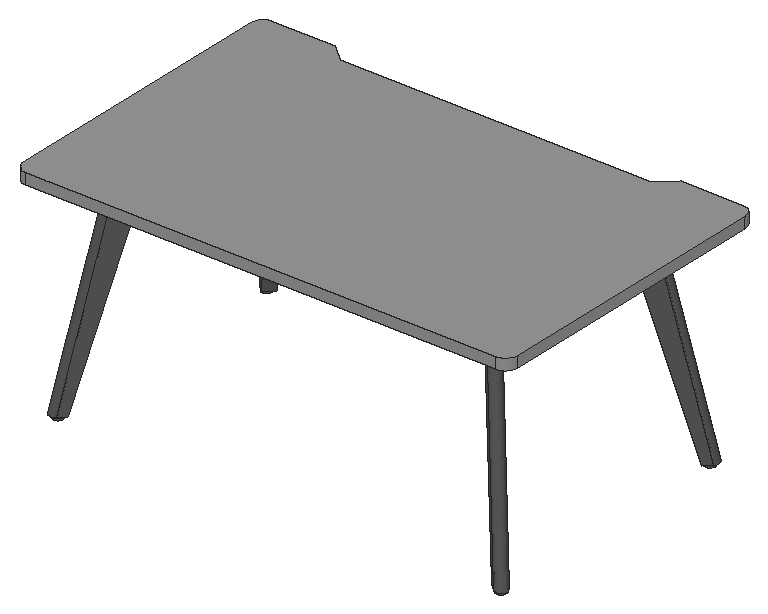
Revit family "Haworth_AWood_Desk_Rectangular_EU_PRELIMINARY", category Furniture, Revit 2019
Family settings
  OmniClass Number = 23.40.70.14.64.11
  OmniClass Title = Office Furniture
  Work Plane-Based = No
  Always vertical = Yes
  Cut with Voids When Loaded = No
  Shared = No
  Room Calculation Point = No
Parameters (values of type "160 x 100")
  Worksurface 90 Depth = "140x90, 160x90, 180x90cm"  # constant formula
  Worksurface 80 Depth = "80x80, 100x80, 120x80, 140x80, 160x80, 180x80cm"  # constant formula
  Worksurface 60 Depth = "60x60, 80x60, 100x60, 120x60, 140x60cm"  # constant formula
  Worksurface 100 Depth = "160x100, 180x100cm"  # constant formula
  Warranty = "http://www.haworth.com/resources/product-info/warranties"
  Void Depth = if(Scallop, 5 cm, 0 cm)  # 5 cm
  URL - Product = "https://www.haworth.com/eu/en/products/office-desks/a-wood.html?_br_psugg_q=awood"
  Type Comments = ""
  URL = "https://www.haworth.com/eu/en.html"
  Trim Finish = Haworth _ Metal _ Structured White EC
  Top Finish [instance] = Haworth _ Laminate _ Undecided _ Tables
  Squared Corners = not(Rounded Corners)  # no
  Size = "Verify Final Dim.w/ Haworth"  # constant formula
  Scallop = not(or(No Accessory Kit, Rectangle))  # yes
  Rounded Corners = yes
  Round Cable Outlet = no
  Revision Number = "1"  # constant formula
  Rectangle = no
  No Accessory Kit = not(or(Accessory Kit, Flip Top Cable Outlet, Round Cable Outlet))  # no
  Model = "AWRDXXXX"  # constant formula
  Manufacturer = "Haworth"  # constant formula
  Leg Height = Actual Height - 3.5 cm  # 69.5 cm
  Flip Top Finish = Haworth _ Paint _ Metallic Silver
  Flip Top Cable Outlet = no
  Description = "Haworth - A_Wood - Desk - Rectangular"  # constant formula
  Base Finish [instance] = Haworth _ Paint _ Black
  Author = "Haworth (Abd Rahman)"  # constant formula
  Assembly Code = "E2020200"
  Actual Width = 160 cm
  Actual Height = 73 cm  # constant formula
  Actual Depth = 100 cm
  Accessory Kit = yes
Types (8, lengths in cm): name | Void Depth | Squared Corners | Scallop | Rounded Corners | Round Cable Outlet | Rectangle | No Accessory Kit | Flip Top Cable Outlet | Actual Width | Actual Depth | Accessory Kit
  60 x 60 | 0 | yes | no | no | no | yes | yes | no | 60 | 60 | no
  120 x 80 | 5 | no | yes | yes | yes | no | no | no | 120 | 80 | yes
  180 x 90 | 5 | no | yes | yes | yes | no | no | no | 180 | 90 | yes
  160 x 100 | 5 | no | yes | yes | no | no | no | no | 160 | 100 | yes
  180 x 100 | 5 | yes | yes | no | yes | no | no | no | 180 | 100 | yes
  100 x 60 | 0 | yes | no | no | no | yes | no | yes | 100 | 60 | yes
  180 x 80 | 0 | yes | no | no | no | yes | yes | no | 180 | 80 | no
  140 x 90 | 0 | yes | no | no | no | yes | yes | no | 140 | 90 | no
Reference planes (cm)
  plane 1 "Center F/B": y = 17.4526
  plane 2: z = 0
  plane 3 "Center L/R": x = 11.43
  plane 4 "Top": z = 73
  plane 5 "Left": x = -68.57
  plane 6 "Right": x = 91.43
  plane 7 "Back": y = 67.4526
  plane 8 "Front": y = -32.5474
  plane 9: y = 52.4526
  plane 10: y = -17.5474
  plane 11: z = 70.5
  plane 12: z = 69.5
  plane 13: x = -63.57
  plane 14: x = 86.43
Dimensions and locks (cm)
  "Actual Height": plane 4 "Top" to level
  equal spacing: plane 7 "Back", plane 1 "Center F/B", plane 8 "Front"
  "Actual Depth": plane 7 "Back" to plane 8 "Front"
  equal spacing: plane 5 "Left", plane 3 "Center L/R", plane 6 "Right"
  "Actual Width": plane 5 "Left" to plane 6 "Right"
  plane 4 "Top" to plane 11 to plane 12 = 2.5 cm locked, 1 cm locked
  locked: plane 5 "Left" to plane 13 at 5
  locked: plane 14 to plane 6 "Right" at 5
  locked: plane 7 "Back" to plane 9 at 15
  locked: plane 8 "Front" to plane 10 at 15
  aligned and locked: nested 2 to plane 1 "Center F/B"
  aligned and locked: plane 3 "Center L/R" to nested 2
  aligned and locked: nested 1 to plane 10
  aligned and locked: nested 1 to plane 13
  aligned and locked: nested 3 to plane 14
  aligned and locked: nested 3 to plane 10
  aligned and locked: plane 13 to nested 5
  aligned and locked: nested 4 to plane 14
  aligned and locked: nested 4 to plane 9
  aligned and locked: nested 5 to plane 9
  aligned and locked: plane 3 "Center L/R" to nested 6
  aligned and locked: plane 9 to nested 6
  aligned and locked: nested 6 to plane 4 "Top"
  aligned and locked: nested 7 to plane 13
  aligned and locked: plane 9 to nested 7
  aligned and locked: plane 4 "Top" to nested 7
Nested families (cm)
  nested 1: "Haworth_A_Wood_SingleLeg_PART" at (-3.7556, 32.6457, 0), Leg Finish <- "Base Finish", type "A_Wood Legs - PART"
    with Leg Finish Haworth _ Paint _ Black
  nested 2: "Haworth_A_Wood_Top_Rectangular-PART" at (170.2444, 88.5136, 0), Top Finish <- "Top Finish", type "A_Wood Top Rectangular - PART"
    with Top Finish Haworth _ Laminate _ Undecided _ Tables, Void Depth 5 cm, Squared Corners no, Actual Width 160 cm
  nested 3: "Haworth_A_Wood_SingleLeg_PART" at (25.9869, 32.017, 0) x (0, 1, 0) z (0, 0, 1), Leg Finish <- "Base Finish", type "A_Wood Legs - PART"
    with Leg Finish Haworth _ Paint _ Black
  nested 4: "Haworth_A_Wood_SingleLeg_PART" at (26.6156, 2.2596, 0) x (-1, 0, 0) z (0, 0, 1), Leg Finish <- "Base Finish", type "A_Wood Legs - PART"
    with Leg Finish Haworth _ Paint _ Black
  nested 5: "Haworth_A_Wood_SingleLeg_PART" at (-3.1269, 2.8883, 0) x (0, -1, 0) z (0, 0, 1), Leg Finish <- "Base Finish", type "A_Wood Legs - PART"
    with Leg Finish Haworth _ Paint _ Black
  nested 6: "Haworth-Flip Top" at (9.9813, 46.8193, -7), visible <- "Flip Top Cable Outlet", type "Flip Top - Visio"
    with Actual Width 25 cm
  nested 7: "Haworth_Grommet-PART" at (-43.3841, 86.1626, 20.7768), visible <- "Round Cable Outlet", type "Cable Outlet"
Definition of nested family "Haworth_A_Wood_SingleLeg_PART"
  Parameters (values of type "A_Wood Legs - PART")
    Warranty = "https://www.haworth.com/resources/product-info/warranties"
    URL - Product = ""
    Model = "Haworth - A_Wood"  # constant formula
    Metal Finish = none
    Leg Finish [instance] = none
    Description = "Haworth - A_Wood - Legs - PART"  # constant formula
    URL = ""
    Revision Number = "1"  # constant formula
    Manufacturer = "Haworth"  # constant formula
    Author = "Haworth (Abd Rahman)"  # constant formula
    Assembly Code = "E2020200"
    Actual Height = 73 cm  # constant formula
  Reference planes (cm)
    plane 1 "Bottom": z = 0
    plane 2 "Top": z = 73
    plane 3 "Top Bottom": z = 69.5
    plane 4: x = -59.8144
    plane 5: x = -39.3144
    plane 6: y = -39.9431
    plane 7 "Front": y = -60.4431
    plane 8: x = -49.5644
    plane 9: y = -50.1931
  Forms (cm)
    SweptBlend 1, solid, material <- "Leg Finish"
      path origin (-58.7425, -59.2694, 121.92) x (-0.707107, -0.707107, 0) y (0, 0, -1)
        loop
          line (-1.6984, 123.3068) -> (-17.8231, 51.5727)
      profile origin (-57.5416, -58.0684, -1.3868) x (-0.689892, -0.689892, 0.219313) y (0.707107, -0.707107, 0)
        loop
          line (-2.6886, 1.6172) -> (-2.6886, -2.1828) -> (0.0676, -2.1828)
          arc (0.0676, -2.1828) -> (1.9676, -0.2828) -> (0.0676, 1.6172) r 1.9
          line (0.0676, 1.6172) -> (-2.6886, 1.6172)
      end profile origin (-46.1396, -46.6665, 70.3473) x (-0.689892, -0.689892, 0.219313) y (0.707107, -0.707107, 0)
        loop
          line (-7.1321, -2.1828) -> (0, -2.1828)
          arc (0, -2.1828) -> (1.9, -0.2828) -> (0, 1.6172) r 1.9
          line (0, 1.6172) -> (-7.1321, 1.6172) -> (-7.1321, -2.1828)
    Extrusion 2, void
      sketch origin (-58.7425, -59.2694, 121.92) x (-0.707107, -0.707107, 0) y (0, 0, -1)
        loop
          line (-22.8359, 60.9135) -> (-31.3359, 60.9135) -> (-31.3359, 46.4135) -> (-6.8632, 46.4135) -> (-6.8632, 53.0135) -> (-22.8359, 53.0135) -> (-22.8359, 60.9135)
        loop
          line (1.2172, 120.9135) -> (1.2172, 124.4135) -> (-5.7828, 124.4135) -> (-5.7828, 120.9135) -> (1.2172, 120.9135)
      from -2.1828 to 1.6172
    Extrusion 3, solid, material <- "Metal Finish"
      sketch origin (22.515, 0, 0) x (-1, 0, 0) y (0, -1, 0)
        loop
          arc (63.3082, 55.3567) -> (64.353, 43.9204) -> (75.222, 40.2132) r 10.5502
          arc (75.222, 40.2132) -> (77.0947, 53.9447) -> (63.3082, 55.3567) r 9.6395
        loop
          circle (75.5231, 43.1034) r 0.6436
        loop
          circle (69.4207, 42.3367) r 0.5
        loop
          circle (63.9678, 47.7855) r 0.5
        loop
          circle (64.6924, 53.9741) r 0.6849
        loop
          circle (74.6212, 53.0565) r 0.7071
      from 68.9065 to 69.5
    Revolve 4, solid
      sketch origin (-0.1869, -57.1918, 0) x (1, 0, 0) y (0, 0, 1)
        loop
          line (-56.6292, 1.0037) -> (-56.6292, 0) -> (-54.9292, 0) -> (-54.9292, 0.4) -> (-56.0292, 0.4) -> (-56.0292, 1.0037) -> (-56.6292, 1.0037)
        axis (-56.6292, 1.0037) -> (-56.6292, 0)
      angle from 0 to 360
    Extrusion 5, solid, material <- "Metal Finish"
      sketch origin (-25.6346, -85.9201, 0) x (0.707107, -0.707107, 0) y (0, 0, 1)
        loop
          line (-44.0328, 69.5) -> (-44.0328, 62.4065) -> (-41.0328, 62.4065) -> (-41.0328, 69.5) -> (-44.0328, 69.5)
        loop
          circle (-42.5693, 66.9745) r 1
        loop
          circle (-42.5978, 63.7457) r 1
      from -18.4115 to -18.1579
    Extrusion 6, void
      sketch origin (-25.6346, -85.9201, 0) x (0.707107, -0.707107, 0) y (0, 0, 1)
        loop
          circle (-42.5693, 66.9745) r 1
        loop
          circle (-42.5978, 63.7457) r 1
      from -20.0066 to -17.9454
  Cuts and joins
    Extrusion 2, Extrusion 6 cuts SweptBlend 1
    Extrusion 6 cuts Extrusion 5
    joined: Extrusion 3, Extrusion 5
  Lines and regions (cm)
    symbolic lines, detail levels medium+fine
      curve 1: arc (-53.9353, -40.9662, 0) -> (-42.6617, -43.3429, 0) -> (-40.285, -54.6165, 0) r 10.5502
      curve 2: arc (-40.285, -54.6165, 0) -> (-46.2123, -57.5166, 0) -> (-52.6178, -55.9317, 0) r 9.6539
      curve 3: line (-58.7572, -56.6971, 0) -> (-55.2939, -53.2338, 0)
      curve 4: line (-52.6178, -55.9317, 0) -> (-56.0702, -59.3841, 0)
      curve 5: arc (-56.074, -59.3805, 0) -> (-58.786, -59.4129, 0) -> (-58.7536, -56.7008, 0) r 1.8953
      curve 6: arc (-55.2939, -53.2338, 0) -> (-56.8312, -46.8545, 0) -> (-53.9353, -40.9662, 0) r 9.6539
  Dimensions and locks (cm)
    "Actual Height": plane 2 "Top" to level
    plane 2 "Top" to plane 3 "Top Bottom" = 3.5 cm
    equal spacing: plane 4, plane 8, plane 5
    equal spacing: plane 6, plane 9, plane 7 "Front"
    Extrusion 5 sketch curve to cut or joined group of SweptBlend 1, Extrusion 2, Extrusion 6 = 0.3942 cm
    Extrusion 5 sketch curve to Extrusion 5 sketch curve = 3 cm
  Automatic sketch dimensions
    curve 2 to curve 6 = 0 cm  (x2)
    plane 4 to curve 5 = 2.3685 cm
    plane 4 to curve 3 = 4.5204 cm
    curve 4 to plane 8 = 3.0535 cm
    curve 1 to plane 8 = 0.5574 cm
    plane 8 to curve 6 = 2.3284 cm
    curve 5 to plane 7 "Front" = 2.3704 cm
    curve 4 to plane 7 "Front" = 4.5114 cm
    curve 3 to plane 9 = 3.0407 cm
    curve 1 to plane 9 = 0.6099 cm
    curve 1 to curve 6 = 2.8858 cm
    plane 4 to curve 5 = 1.0607 cm
    curve 3 to curve 5 = 0.0036 cm
    curve 5 to curve 5 = 1.3718 cm
    curve 4 to plane 7 "Front" = 1.059 cm
    curve 5 to curve 4 = 0.0038 cm
    curve 1 to plane 6 = 1.0231 cm
    curve 4 to curve 5 = 0.0036 cm
    curve 5 to curve 3 = 0.0038 cm
    plane 3 "Top Bottom" to SweptBlend 1 sketch curve = 0.8473 cm
    SweptBlend 1 sketch curve to level = 1.3868 cm
    SweptBlend 1 sketch curve to SweptBlend 1 sketch curve = 16.1248 cm
    profile plane to SweptBlend 1 sketch curve = 1.6172 cm
    profile plane to SweptBlend 1 sketch curve = 2.6886 cm
    SweptBlend 1 sketch curve to profile plane = 0.0676 cm
    SweptBlend 1 sketch curve to profile plane = 0.2828 cm  (x2)
    SweptBlend 1 sketch curve to profile plane = 0 cm
    SweptBlend 1 sketch curve to profile plane = 2.1828 cm
    SweptBlend 1 sketch curve to SweptBlend 1 sketch curve = 7.1321 cm
    Extrusion 2 sketch curve to plane 3 "Top Bottom" = 8.4935 cm
    Extrusion 2 sketch curve to Extrusion 2 sketch curve = 8.5 cm
    Extrusion 2 sketch curve to plane 3 "Top Bottom" = 0.5935 cm
    Extrusion 2 sketch curve to Extrusion 2 sketch curve = 15.9727 cm
    level to Extrusion 2 sketch curve = 1.0065 cm
    Extrusion 2 sketch curve to Extrusion 2 sketch curve = 17.0531 cm
    Extrusion 2 sketch curve to level = 2.4935 cm
    Extrusion 2 sketch curve to Extrusion 2 sketch curve = 7 cm
    plane 2 "Top" to Extrusion 2 sketch curve = 2.5065 cm
    plane 5 to Extrusion 3 sketch curve = 2.1385 cm
    plane 5 to Extrusion 3 sketch curve = 2.8631 cm
    Extrusion 3 sketch curve to plane 8 = 2.6586 cm
    Extrusion 3 sketch curve to plane 8 = 2.5606 cm
    plane 8 to Extrusion 3 sketch curve = 0.5653 cm
    plane 8 to Extrusion 3 sketch curve = 2.5418 cm
    plane 8 to Extrusion 3 sketch curve = 3.4437 cm
    plane 9 to Extrusion 3 sketch curve = 3.781 cm
    plane 9 to Extrusion 3 sketch curve = 2.8634 cm
    plane 9 to Extrusion 3 sketch curve = 0.2507 cm
    Extrusion 3 sketch curve to Extrusion 3 sketch curve = 2.4593 cm
    Extrusion 3 sketch curve to plane 9 = 2.4076 cm
    plane 6 to Extrusion 3 sketch curve = 3.1604 cm
    plane 6 to Extrusion 3 sketch curve = 2.3936 cm
    plane 5 to Extrusion 3 sketch curve = 1.4789 cm
    plane 6 to Extrusion 3 sketch curve = 0.2702 cm
    Revolve 4 sketch curve to level = 0 cm
    level to Revolve 4 sketch curve = 1.0037 cm
    plane 4 to Revolve 4 sketch curve = 2.9983 cm
    Revolve 4 sketch curve to Revolve 4 sketch curve = 0.6 cm
    Revolve 4 sketch curve to Revolve 4 sketch curve = 1.1 cm
    Revolve 4 sketch curve to Revolve 4 sketch curve = 0.4 cm
    Revolve 4 sketch curve to Revolve 4 sketch curve = 0 cm  (x2)
    Revolve 4 sketch curve to level = 0.0502 cm
    Extrusion 5 sketch curve to Extrusion 5 sketch curve = 1.435 cm
    Extrusion 5 sketch curve to Extrusion 5 sketch curve = 1.4634 cm
    Extrusion 5 sketch curve to plane 3 "Top Bottom" = 7.0935 cm
    Extrusion 5 sketch curve to Extrusion 5 sketch curve = 1.3391 cm
    Extrusion 5 sketch curve to plane 3 "Top Bottom" = 2.5255 cm
    Extrusion 5 sketch curve to plane 3 "Top Bottom" = 0 cm
    Extrusion 6 sketch curve to Extrusion 6 sketch curve = 3.2289 cm
    Extrusion 6 sketch curve to plane 3 "Top Bottom" = 5.7543 cm
    Extrusion 6 sketch curve to Extrusion 6 sketch curve = 0.0285 cm
    radius of Extrusion 3 sketch curve = 0.6436 cm
    radius of Extrusion 3 sketch curve = 0.5 cm  (x2)
    radius of Extrusion 3 sketch curve = 0.6849 cm
    radius of Extrusion 3 sketch curve = 0.7071 cm
    radius of Extrusion 5 sketch curve = 1 cm  (x2)
    radius of Extrusion 6 sketch curve = 1 cm  (x2)
Definition of nested family "Haworth_A_Wood_Top_Rectangular-PART"
  Parameters (values of type "A_Wood Top Rectangular - PART")
    Warranty = "https://www.haworth.com/resources/product-info/warranties"
    Void Depth = 15 cm
    URL - Product = ""
    Top Finish [instance] = none
    Thickness = 3.5 cm
    Squared Corners = yes
    Scallop = yes
    Rounded Corners = yes
    Rectangle = no
    Model = "Haworth - A_Wood"  # constant formula
    Description = "Haworth - A_Wood - Rectangular - Top - PART"  # constant formula
    URL = ""
    Revision Number = "1"  # constant formula
    Manufacturer = "Haworth"  # constant formula
    Author = "Haworth (Abd Rahman)"  # constant formula
    Assembly Code = "E2020200"
    Actual Width = 120 cm
    Actual Depth = 100 cm
  Reference planes (cm)
    plane 1 "Bottom": z = 0
    plane 2 "Top": z = 73
    plane 3 "Top Bottom": z = 69.5
    plane 4: x = -218.8144
    plane 5 "Right": x = -98.8144
    plane 6: y = -21.0609
    plane 7 "Front": y = -121.0609
    plane 8: x = -158.8144
    plane 9: y = -71.0609
    plane 10: y = -36.0609
    plane 11: x = -194.8144
    plane 12: x = -122.8144
  Forms (cm)
    Extrusion 1, solid, material <- "Top Finish", visible <- "Squared Corners"
      sketch origin (0, 0, 0) x (1, 0, 0) y (0, 1, 0)
        loop
          line (-218.8144, -21.0609) -> (-218.8144, -121.0609) -> (-98.8144, -121.0609) -> (-98.8144, -21.0609) -> (-218.8144, -21.0609)
      from 69.5 to 73
    Extrusion 2, solid, material <- "Top Finish", visible <- "Rounded Corners"
      sketch origin (0, 0, 0) x (1, 0, 0) y (0, 1, 0)
        loop
          arc (-214.8144, -21.0609) -> (-217.6428, -22.2325) -> (-218.8144, -25.0609) r 4
          line (-218.8144, -25.0609) -> (-218.8144, -117.0609)
          arc (-218.8144, -117.0609) -> (-217.6428, -119.8893) -> (-214.8144, -121.0609) r 4
          line (-214.8144, -121.0609) -> (-102.8144, -121.0609)
          arc (-102.8144, -121.0609) -> (-99.9859, -119.8893) -> (-98.8144, -117.0609) r 4
          line (-98.8144, -117.0609) -> (-98.8144, -25.0609)
          arc (-98.8144, -25.0609) -> (-99.9859, -22.2325) -> (-102.8144, -21.0609) r 4
          line (-102.8144, -21.0609) -> (-214.8144, -21.0609)
      from 69.5 to 73
    Extrusion 3, void
      sketch origin (0, 0, 0) x (1, 0, 0) y (0, 1, 0)
        loop
          line (-194.8144, -21.0609) -> (-189.1575, -36.0609) -> (-128.4712, -36.0609) -> (-122.8144, -21.0609) -> (-194.8144, -21.0609)
      from 0 to 182.4895
  Cuts and joins
    Extrusion 3 cuts Extrusion 2
    Extrusion 3 cuts Extrusion 1
  Lines and regions (cm)
    Masking region 1, visible <- "Squared Corners"
      outline origin (0, 0, 0) x (1, 0, 0) y (0, 1, 0)
        loop
          line (-218.8144, -21.0609) -> (-218.8144, -121.0609) -> (-98.8144, -121.0609) -> (-98.8144, -21.0609) -> (-218.8144, -21.0609)
    Masking region 2
      outline origin (0, -0.1905, 0) x (1, 0, 0) y (0, 1, 0)
        loop
          arc (-215.1194, -20.8704) -> (-217.7534, -22.199) -> (-218.8144, -24.9517) r 4.1015
          line (-218.8144, -24.9517) -> (-218.8144, -117.0498)
          arc (-218.8144, -117.0498) -> (-217.6953, -119.7514) -> (-214.9938, -120.8704) r 3.8205
          line (-214.9938, -120.8704) -> (-102.6349, -120.8704)
          arc (-102.6349, -120.8704) -> (-99.9334, -119.7514) -> (-98.8144, -117.0498) r 3.8205
          line (-98.8144, -117.0498) -> (-98.8144, -24.9517)
          arc (-98.8144, -24.9517) -> (-99.8753, -22.199) -> (-102.5093, -20.8704) r 4.1015
          line (-102.5093, -20.8704) -> (-215.1194, -20.8704)
  Dimensions and locks (cm)
    equal spacing: plane 4, plane 8, plane 5 "Right"
    equal spacing: plane 6, plane 9, plane 7 "Front"
    "Actual Depth": plane 7 "Front" to plane 6
    "Actual Width": plane 4 to plane 5 "Right"
    plane 2 "Top" to plane 3 "Top Bottom" = 3.5 cm  (x2)
    "Thickness": plane 2 "Top" to plane 3 "Top Bottom"
    locked: plane 4 to plane 11 at 24
    locked: plane 12 to plane 5 "Right" at 24
    "Void Depth": plane 10 to plane 6
    aligned and locked: Extrusion 1 sketch curve to plane 5 "Right"
    aligned and locked: Extrusion 1 sketch curve to plane 6
    aligned and locked: plane 4 to Extrusion 1 sketch curve
    aligned and locked: Extrusion 1 sketch curve to plane 7 "Front"
    aligned and locked: plane 2 "Top" to Extrusion 1
    aligned and locked: Extrusion 1 to plane 3 "Top Bottom"
    aligned and locked: Masking region 1 sketch curve to plane 5 "Right"
    aligned and locked: Masking region 1 sketch curve to plane 6
    aligned and locked: plane 4 to Masking region 1 sketch curve
    aligned and locked: Masking region 1 sketch curve to plane 7 "Front"
    aligned and locked: plane 6 to Masking region 2
    aligned and locked: plane 5 "Right" to Masking region 2
    aligned and locked: plane 7 "Front" to Extrusion 2
    aligned and locked: plane 7 "Front" to Masking region 2
    aligned and locked: Masking region 2 to plane 4
    aligned and locked: plane 10 to Extrusion 3 sketch curve
    aligned and locked: plane 6 to Extrusion 3 sketch curve
  Automatic sketch dimensions
    Extrusion 2 sketch curve to plane 4 = 0 cm
    plane 7 "Front" to Extrusion 2 sketch curve = 0 cm
    Extrusion 2 sketch curve to plane 6 = 0 cm
    Extrusion 2 sketch curve to plane 5 "Right" = 0 cm
    plane 4 to Extrusion 2 sketch curve = 4 cm  (x2)
    Extrusion 2 sketch curve to plane 5 "Right" = 4 cm  (x2)
    plane 4 to Masking region 2 sketch curve = 0 cm
    Masking region 2 sketch curve to plane 7 "Front" = 0 cm
    Masking region 2 sketch curve to plane 5 "Right" = 0 cm
    Masking region 2 sketch curve to plane 6 = 0 cm
    plane 4 to Masking region 2 sketch curve = 3.6949 cm
    Masking region 2 sketch curve to Masking region 2 sketch curve = 4.1015 cm
    Masking region 2 sketch curve to Masking region 2 sketch curve = 3.8205 cm
    Masking region 2 sketch curve to plane 5 "Right" = 3.8205 cm
    Masking region 2 sketch curve to plane 5 "Right" = 4.1015 cm
    Masking region 2 sketch curve to plane 5 "Right" = 3.6949 cm
    Extrusion 3 sketch curve to plane 11 = 0 cm  (x2)
    Extrusion 3 sketch curve to plane 6 = 0 cm  (x2)
    Extrusion 3 sketch curve to plane 12 = 0 cm  (x2)
    Extrusion 3 sketch curve to plane 11 = 5.6569 cm
    plane 12 to Extrusion 3 sketch curve = 5.6569 cm
Definition of nested family "Haworth-Flip Top"
  Parameters (values of type "Flip Top - Visio")
    Warranty = ""
    URL - Product = ""
    URL = ""
    Sustainability Info = ""
    Size = "Verify Final Dim. w/ Haworth"  # constant formula
    Single Sided = no
    Single Sided Wide = yes
    Revision Number = ""
    OmniClass Number = ""
    Material Options = ""
    Manufacturer = "Haworth"  # constant formula
    LEED Data = ""
    Flip Top Height = 2.5 cm
    Flip Top Finish = none
    Double Sided = no
    Double Sided Wide = no
    Author = "SHAPE Environments, LLC"  # constant formula
    Assembly Code = ""
    Actual Width = 20 cm
    Actual Height = 80 cm
    Actual Depth = 11 cm
  Reference planes (cm)
    plane 1 "Center F/B": y = 0.1333
    plane 2: z = 0
    plane 3 "Center L/R": x = 1.4487
    plane 4 "Back": y = 5.6333
    plane 5 "Right": x = 11.4487
    plane 6 "Front": y = -5.3667
    plane 7 "Left": x = -8.5513
    plane 8 "Table Height": z = 80
    plane 9: z = 77.5
  Forms (cm)
    Extrusion 1, solid, material <- "Flip Top Finish"
      sketch origin (0, 0, 80) x (-1, 0, 0) y (0, -1, 0)
        loop
          line (8.5513, -5.6333) -> (8.5513, 5.3667) -> (-11.4487, 5.3667) -> (-11.4487, -5.6333) -> (8.5513, -5.6333)
      from 0 to 0.3175
    Extrusion 2, solid, material <- "Flip Top Finish"
      sketch origin (0, 0, 80) x (-1, 0, 0) y (0, -1, 0)
        loop
          line (8.2338, -5.1571) -> (8.2338, 4.8904) -> (-11.1312, 4.8904) -> (-11.1312, -5.1571) -> (8.2338, -5.1571)
      from 0 to -2.5
  Cuts and joins
    joined: Extrusion 1, Extrusion 2
  Lines and regions (cm)
    symbolic lines
      curve 1: line (-8.5513, 5.6333, 80) -> (11.4487, 5.6333, 80)
      curve 2: line (-8.5513, -5.3667, 80) -> (-8.5513, 5.6333, 80)
      curve 3: line (11.4487, -5.3667, 80) -> (-8.5513, -5.3667, 80)
      curve 4: line (11.4487, 5.6333, 80) -> (11.4487, -5.3667, 80)
  Dimensions and locks (cm)
    equal spacing: plane 7 "Left", plane 3 "Center L/R", plane 5 "Right"
    "Actual Width": plane 7 "Left" to plane 5 "Right"
    equal spacing: plane 6 "Front", plane 1 "Center F/B", plane 4 "Back"
    "Actual Depth": plane 4 "Back" to plane 6 "Front"
    plane 7 "Left" to Extrusion 2 sketch curve = 0.3175 cm
    plane 4 "Back" to Extrusion 2 sketch curve = 0.4762 cm
    Extrusion 2 sketch curve to plane 5 "Right" = 0.3175 cm
    Extrusion 2 sketch curve to plane 6 "Front" = 0.4763 cm
    "Actual Height": plane 8 "Table Height" to level
    "Flip Top Height": plane 8 "Table Height" to plane 9
    aligned and locked: plane 7 "Left" to Extrusion 1 sketch curve
    aligned and locked: Extrusion 1 sketch curve to plane 4 "Back"
    aligned and locked: plane 6 "Front" to Extrusion 1 sketch curve
    aligned and locked: Extrusion 1 sketch curve to plane 5 "Right"
    aligned and locked: plane 9 to cut or joined group of Extrusion 1, Extrusion 2
  Automatic sketch dimensions
    curve 4 to plane 5 "Right" = 0 cm
    curve 2 to plane 4 "Back" = 0 cm
    curve 2 to plane 7 "Left" = 0 cm
    curve 4 to plane 6 "Front" = 0 cm
Definition of nested family "Haworth_Grommet-PART"
  Parameters (values of type "Cable Outlet")
    Warranty = "http://www.haworth.com/resources/product-info/warranties"
    Vertical = no
    URL = "www.haworth.com"
    Trim Finish = none
    Size = "Verify Final Dim. w/ Haworth"  # constant formula
    Revision Number = "1"  # constant formula
    Model = "X742"  # constant formula
    Manufacturer = "Haworth"  # constant formula
    Horizontal = yes
    Description = "Haworth - Cable Outlet - 25mm"  # constant formula
    Author = "Haworth (Abd Rahman)"  # constant formula
    Assembly Code = "E2020200"
    Actual Width = 9 cm  # constant formula
    Actual Height = 0.2 cm  # constant formula
    Actual Depth = 9 cm  # constant formula
  Reference planes (cm)
    plane 1: z = 52.2232
    plane 2 "Center L/R": x = -15.6859
    plane 3 "Center F/B": y = -29.21
    plane 4 "Top": z = 52.4232
    plane 5 "Back": y = -24.71
    plane 6 "Front": y = -33.71
    plane 7 "Right": x = -11.1859
    plane 8 "Left": x = -20.1859
    plane 9: x = -15.505
  Forms (cm)
    Revolve 1, solid, material <- "Trim Finish", visible <- "Vertical"
      sketch origin (-67.9273, -29.21, 36.6305) x (0, 0, 1) y (1, 0, 0)
        loop
          line (15.6859, 52.4223) -> (11.5684, 52.4223)
          arc (11.5684, 52.4223) -> (11.398, 52.3576) -> (11.2576, 52.2414) r 0.557
          line (11.2576, 52.2414) -> (15.6859, 52.2414) -> (15.6859, 52.4223)
        axis (15.6859, 52.4223) -> (15.6859, 52.2414)
      angle from 0 to 360
    Extrusion 2, void
      sketch origin (-67.9273, 0.0749, 36.6305) x (0, 0, -1) y (0, 1, 0)
        loop
          line (-17.5569, -26.0506) -> (-17.3333, -28.1782)
          arc (-17.3333, -28.1782) -> (-17.1796, -28.323) -> (-16.9822, -28.2479) r 0.1989
          arc (-16.9822, -28.2479) -> (-16.9186, -28.1652) -> (-16.8471, -28.0891) r 1.0616
          arc (-16.8471, -28.0891) -> (-16.3186, -27.7135) -> (-15.6859, -27.5721) r 1.6402
          arc (-15.6859, -27.5721) -> (-15.1781, -27.6415) -> (-14.7164, -27.8643) r 1.6402
          arc (-14.7164, -27.8643) -> (-14.5025, -27.8909) -> (-14.3853, -27.7099) r 0.203
          line (-14.3853, -27.7099) -> (-14.1679, -25.8137)
          arc (-14.1679, -25.8137) -> (-15.8906, -25.5293) -> (-17.5569, -26.0506) r 3.7744
      from 0 to 71.12
    Revolve 3, solid, material <- "Trim Finish", visible <- "Horizontal"
      sketch origin (-0.0331, -29.3081, 0.0151) x (-1, 0, 0) y (0, 0, 1)
        loop
          line (15.6859, 52.408) -> (11.5287, 52.408)
          arc (11.5287, 52.408) -> (11.3569, 52.3343) -> (11.219, 52.208) r 0.5592
          line (11.219, 52.208) -> (15.6859, 52.208) -> (15.6859, 52.408)
        axis (15.6859, 52.408) -> (15.6859, 52.208)
      angle from 0 to 360
    Extrusion 4, void
      sketch origin (-0.0331, -0.0232, 0.0151) x (1, 0, 0) y (0, 1, 0)
        loop
          line (-17.5569, -26.0506) -> (-17.3333, -28.1782)
          arc (-17.3333, -28.1782) -> (-17.1796, -28.323) -> (-16.9822, -28.2479) r 0.1989
          arc (-16.9822, -28.2479) -> (-16.9186, -28.1652) -> (-16.8471, -28.0891) r 1.0616
          arc (-16.8471, -28.0891) -> (-16.3186, -27.7135) -> (-15.6859, -27.5721) r 1.6402
          arc (-15.6859, -27.5721) -> (-15.1781, -27.6415) -> (-14.7164, -27.8643) r 1.6402
          arc (-14.7164, -27.8643) -> (-14.5025, -27.8909) -> (-14.3853, -27.7099) r 0.203
          line (-14.3853, -27.7099) -> (-14.1679, -25.8137)
          arc (-14.1679, -25.8137) -> (-15.8906, -25.5293) -> (-17.5569, -26.0506) r 3.7744
      from 0 to 71.12
  Cuts and joins
    Extrusion 2 cuts Revolve 1
    Extrusion 4 cuts Revolve 3
  Lines and regions (cm)
    Masking region 1
      outline origin (0, 0, 0) x (1, 0, 0) y (0, 1, 0)
        loop
          circle (-15.6859, -29.2849) r 4.4363
        loop
          circle (-15.6859, -29.2849) r 4.0899
        loop
          line (-14.3853, -27.7099) -> (-14.1679, -25.8137)
          arc (-14.1679, -25.8137) -> (-15.8906, -25.5293) -> (-17.5569, -26.0506) r 3.7744
          line (-17.5569, -26.0506) -> (-17.3333, -28.1782)
          arc (-17.3333, -28.1782) -> (-17.1796, -28.323) -> (-16.9822, -28.2479) r 0.1989
          arc (-16.9822, -28.2479) -> (-16.9186, -28.1652) -> (-16.8471, -28.0891) r 1.0616
          arc (-16.8471, -28.0891) -> (-16.3186, -27.7135) -> (-15.6859, -27.5721) r 1.6402
          arc (-15.6859, -27.5721) -> (-15.1781, -27.6415) -> (-14.7164, -27.8643) r 1.6402
          arc (-14.7164, -27.8643) -> (-14.5025, -27.8909) -> (-14.3853, -27.7099) r 0.203
  Dimensions and locks (cm)
    equal spacing: plane 8 "Left", plane 2 "Center L/R", plane 7 "Right"
    "Actual Width": plane 8 "Left" to plane 7 "Right"
    equal spacing: plane 5 "Back", plane 3 "Center F/B", plane 6 "Front"
    "Actual Depth": plane 5 "Back" to plane 6 "Front"
    "Actual Height": plane 4 "Top" to plane 1
    aligned and locked: plane 3 "Center F/B" to cut or joined group of Revolve 1, Extrusion 2  (x2)
    aligned and locked: cut or joined group of Revolve 3, Extrusion 4 to plane 4 "Top"
    aligned and locked: cut or joined group of Revolve 3, Extrusion 4 to plane 1
    aligned and locked: cut or joined group of Revolve 1, Extrusion 2 to plane 2 "Center L/R"
    aligned and locked: plane 9 to cut or joined group of Revolve 1, Extrusion 2
  Automatic sketch dimensions
    Revolve 1 sketch curve to plane 1 = 4.335 cm
    Revolve 1 sketch curve to Revolve 1 sketch curve = 0.3107 cm
    Revolve 1 sketch curve to Revolve 1 sketch curve = 0.1099 cm
    Revolve 1 sketch curve to Revolve 1 sketch curve = 4.0077 cm
    Revolve 1 sketch curve to plane 7 "Right" = 4.8651 cm
    Revolve 1 sketch curve to Revolve 1 sketch curve = 0.3651 cm
    Revolve 1 sketch curve to Revolve 1 sketch curve = 0 cm  (x2)
    Revolve 1 sketch curve to Revolve 1 sketch curve = 0.0195 cm
    Extrusion 2 sketch curve to Extrusion 2 sketch curve = 0 cm  (x2)
    plane 1 to Extrusion 2 sketch curve = 1.9643 cm
    Extrusion 2 sketch curve to Extrusion 2 sketch curve = 0.4161 cm
    Extrusion 2 sketch curve to Extrusion 2 sketch curve = 1.0307 cm
    Extrusion 2 sketch curve to Extrusion 2 sketch curve = 0.4587 cm
    Extrusion 2 sketch curve to Extrusion 2 sketch curve = 0.0242 cm
    Extrusion 2 sketch curve to Extrusion 2 sketch curve = 1.0632 cm
    Extrusion 2 sketch curve to Extrusion 2 sketch curve = 0.203 cm
    Extrusion 2 sketch curve to Extrusion 2 sketch curve = 0.2174 cm
    Extrusion 2 sketch curve to plane 5 "Back" = 4.5096 cm
    Extrusion 2 sketch curve to Extrusion 2 sketch curve = 0.0825 cm
    Extrusion 2 sketch curve to Extrusion 2 sketch curve = 0.3588 cm
    Extrusion 2 sketch curve to Extrusion 2 sketch curve = 0.7253 cm
    Extrusion 2 sketch curve to Extrusion 2 sketch curve = 1.502 cm
    Extrusion 2 sketch curve to Extrusion 2 sketch curve = 0.0031 cm
    Extrusion 2 sketch curve to Extrusion 2 sketch curve = 2.0772 cm
    Extrusion 2 sketch curve to Extrusion 2 sketch curve = 0.1925 cm
    Extrusion 2 sketch curve to Extrusion 2 sketch curve = 0.1586 cm
    Extrusion 2 sketch curve to Extrusion 2 sketch curve = 0.1352 cm
    Extrusion 2 sketch curve to Extrusion 2 sketch curve = 1.0976 cm
    Extrusion 2 sketch curve to Extrusion 2 sketch curve = 0.1281 cm
    Masking region 1 sketch curve to Masking region 1 sketch curve = 0 cm  (x4)
    Masking region 1 sketch curve to plane 2 "Center L/R" = 0 cm  (x2)
    Masking region 1 sketch curve to plane 2 "Center L/R" = 0.4242 cm
    Masking region 1 sketch curve to Masking region 1 sketch curve = 1.0307 cm
    Masking region 1 sketch curve to plane 3 "Center F/B" = 1.0318 cm
    Masking region 1 sketch curve to Masking region 1 sketch curve = 0.1925 cm
    Masking region 1 sketch curve to plane 2 "Center L/R" = 1.871 cm
    plane 3 "Center F/B" to Masking region 1 sketch curve = 0.002 cm
    plane 2 "Center L/R" to Masking region 1 sketch curve = 0.0345 cm
    plane 2 "Center L/R" to Masking region 1 sketch curve = 0.0586 cm
    plane 2 "Center L/R" to Masking region 1 sketch curve = 1.0976 cm
    Masking region 1 sketch curve to Masking region 1 sketch curve = 0.203 cm
    plane 2 "Center L/R" to Masking region 1 sketch curve = 1.518 cm
    plane 3 "Center F/B" to Masking region 1 sketch curve = 0.0749 cm
    Masking region 1 sketch curve to Masking region 1 sketch curve = 0.0096 cm
    Masking region 1 sketch curve to plane 3 "Center F/B" = 0.3569 cm
    Masking region 1 sketch curve to Masking region 1 sketch curve = 0.0504 cm
    Masking region 1 sketch curve to plane 3 "Center F/B" = 1.5001 cm
    Masking region 1 sketch curve to Masking region 1 sketch curve = 0.0031 cm
    Masking region 1 sketch curve to plane 5 "Back" = 1.3406 cm
    Masking region 1 sketch curve to Masking region 1 sketch curve = 0.2938 cm
    Masking region 1 sketch curve to Masking region 1 sketch curve = 0.1586 cm
    Revolve 3 sketch curve to plane 7 "Right" = 0.0663 cm
    Revolve 3 sketch curve to Revolve 3 sketch curve = 0.3096 cm
    Revolve 3 sketch curve to Revolve 3 sketch curve = 0.1316 cm
    Revolve 3 sketch curve to Revolve 3 sketch curve = 4.0256 cm
    Revolve 3 sketch curve to plane 4 "Top" = 0.5434 cm
    Revolve 3 sketch curve to Revolve 3 sketch curve = 0.3434 cm
    Revolve 3 sketch curve to Revolve 3 sketch curve = 0 cm
    Revolve 3 sketch curve to Revolve 3 sketch curve = 0.0151 cm  (x2)
    Extrusion 4 sketch curve to Extrusion 4 sketch curve = 0 cm  (x2)
    Extrusion 4 sketch curve to plane 7 "Right" = 6.4042 cm
    Extrusion 4 sketch curve to Extrusion 4 sketch curve = 0.4161 cm
    Extrusion 4 sketch curve to Extrusion 4 sketch curve = 1.0307 cm
    Extrusion 4 sketch curve to Extrusion 4 sketch curve = 0.4587 cm
    Extrusion 4 sketch curve to Extrusion 4 sketch curve = 0.0242 cm
    Extrusion 4 sketch curve to Extrusion 4 sketch curve = 1.0632 cm
    Extrusion 4 sketch curve to Extrusion 4 sketch curve = 0.203 cm
    Extrusion 4 sketch curve to Extrusion 4 sketch curve = 0.2174 cm
    Extrusion 4 sketch curve to plane 5 "Back" = 4.6077 cm
    Extrusion 4 sketch curve to Extrusion 4 sketch curve = 0.0825 cm
    Extrusion 4 sketch curve to Extrusion 4 sketch curve = 0.3588 cm
    Extrusion 4 sketch curve to Extrusion 4 sketch curve = 0.7253 cm
    Extrusion 4 sketch curve to Extrusion 4 sketch curve = 1.502 cm
    Extrusion 4 sketch curve to Extrusion 4 sketch curve = 0.0031 cm
    Extrusion 4 sketch curve to Extrusion 4 sketch curve = 2.0772 cm
    Extrusion 4 sketch curve to Extrusion 4 sketch curve = 0.1925 cm
    Extrusion 4 sketch curve to Extrusion 4 sketch curve = 0.1586 cm
    Extrusion 4 sketch curve to Extrusion 4 sketch curve = 0.1352 cm
    Extrusion 4 sketch curve to Extrusion 4 sketch curve = 1.0976 cm
    Extrusion 4 sketch curve to Extrusion 4 sketch curve = 0.1281 cm
    radius of Masking region 1 sketch curve = 4.4363 cm
    radius of Masking region 1 sketch curve = 4.0899 cm
